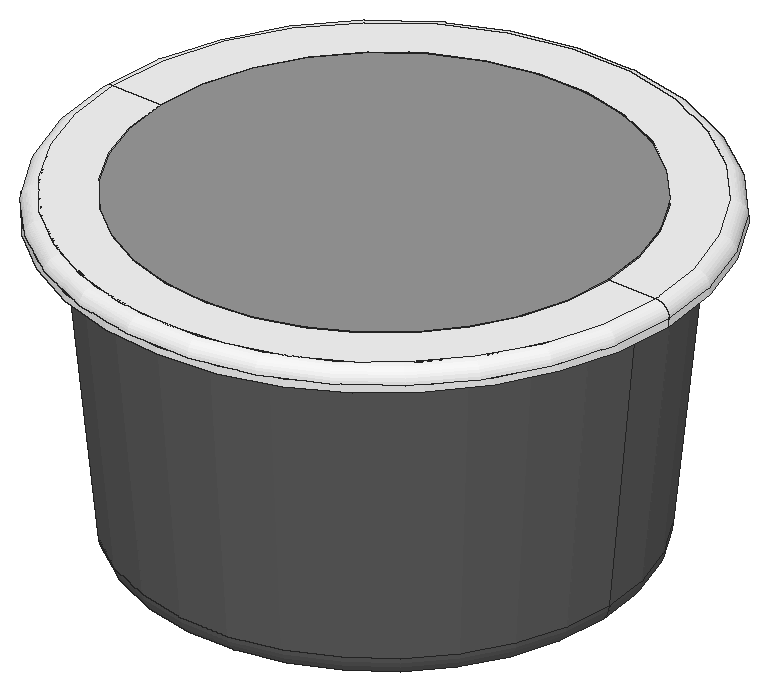
Revit family "3098102 Lighting Fixture_Sylvania_Insaver LED II 150 LO_Ceiling Recessed", category Lighting Fixtures, host Face, Revit 2017
Family settings
  Host = Face
  Round Connector Dimension = Use Diameter
  Part Type = Normal
  OmniClass Number = 23.80.70.11.17
  OmniClass Title = Specialized Lighting by Location or Use
  Cut with Voids When Loaded = No
  Light Source = Yes
  Shared = No
  Room Calculation Point = No
Parameters (values of type "Insaver LED II 150 Low Output WW 1-10")
  Ta Rating = "0°C to 55°C"  # constant formula
  Reflector Radius = Body Radius - 2.0 mm  # 73.0 mm
  Reflector Material = Metal_Sylvania_Insaver LED II_Polished
  Radius = Diameter / 2  # 84.5 mm
  LOR = "100%"  # constant formula
  IP Rating = "IP23 (44 with accessory)"  # constant formula
  Height = 87.0 mm
  Glare Control = "UGR <19 (using accessory)"  # constant formula
  Energy Class = "A++,A+,A"  # constant formula
  Weight = 0 kg
  Wattage = 17.0103 W
  built-in parameter 1150110 = 1 (stored number, unit not read)
  Voltage Comments = "UNV (Universal Voltage; 220-240 Volt)"  # constant formula
  Voltage = 230 V  # constant formula
  URL = "http://www.sylvania-lighting.com"
  built-in parameter 1114217 = 1 (stored number, unit not read)
  Tilt Angle = -90°
  built-in parameter 1150109 = 1 (stored number, unit not read)
  built-in parameter 1150134 = (empty or 0)
  built-in parameter 1150113 = 1 (stored number, unit not read)
  Product Page URL = "http://www.sylvania-lighting.com/product/en-int/products/3098102"
  Product Family = "INSAVER LED II 150"  # constant formula
  Photometry Comments = ""
  Photometric Web File = "3098102_InsaverLEDII150LowOutputWW1-10-200387.ies"
  Life = "50 000 h"  # constant formula
  Emit from Circle Diameter = Diffuser Diameter  # 133.0 mm
  Emit Shape Visible in Rendering = no
  Drive Current = "700mA"  # constant formula
  Distribution type = "Direct - symmetrical"  # constant formula
  Diffuser Material = Glass_Sylvania_Insaver LED II_3000K
  Diffuser Diameter = Diameter - 36.0 mm  # 133.0 mm
  Diameter = 169.0 mm
  Cutout Diameter = Diameter - 19.0 mm  # 150.0 mm
  Colour consistency (SDCM) = "3 step"  # constant formula
  built-in parameter 1114216 [instance] = 1 (stored number, unit not read)
  Model = "Insaver LED II 150 Low Output WW 1-10"
  Manufacturer = "Feilo Sylvania"
  built-in parameter 1150105 = 1169.2 (stored number, unit not read)
  Lumens = 1650 lm
  built-in parameter 1150115 = 1 (stored number, unit not read)
  built-in parameter 1150137 = (empty or 0)
  built-in parameter 1150139 = (empty or 0)
  built-in parameter 1150112 = 1 (stored number, unit not read)
  built-in parameter 1150114 = 1 (stored number, unit not read)
  Lamp Comments = "Integrated LED"  # constant formula
  Lamp = ""
  built-in parameter 1150132 = 2
  built-in parameter 1150102 = (empty or 0)
  built-in parameter 1150107 = 3000 (stored number, unit not read)
  built-in parameter 1150138 = (empty or 0)
  built-in parameter 1150106 = 11.692 (stored number, unit not read)
  CRI ( Ra ) = 80  # constant formula
  Body Material = Plastic_Sylvania_Insaver LED II_Black
  built-in parameter 1150104 = 9.0116 (stored number, unit not read)
  Dimming Lamp Color Temperature Shift = <None>
  Description = "Circular LED downlight with up to 114lm/W efficacy and 2,400 luminaire lumen output. Innovative easy installation system allows for a rapid, single point installation. For 150mm cut outs. IP44 or UGR<19 compliant with additional accessories. 3 hour emergency and surface mounted versions available. Plus3 version includes Wieland GST connector."  # constant formula
  Default Elevation = 0.0 mm
  Color Filter = 16777215
  Catalog Number = "3098102 Insaver LED II 150 Low Output WW 1-10"
  built-in parameter 1140040 [instance] = 1
  Body Radius = Cutout Diameter / 2  # 75.0 mm
  Beam Angle = 76°  # constant formula
  built-in parameter 1114218 = 1 (stored number, unit not read)
  built-in parameter 1150133 = 10 (stored number, unit not read)
  Assembly Code = "D5020200"
  Apparent Load Comments = ""
  Apparent Load = 17 VA
  Accessory Material = Plastic_Sylvania_Insaver LED II_White
Reference planes
  plane 1 "Center (Front/Back)": y = 0
  plane 2: z = 0
  plane 3 "Center (Left/Right)": x = 0
  plane 4 "Fixture Top": z = -87
  plane 5 "Fixture Bottom": z = 6
  plane 6 "Reflector Top": z = -60
Forms (mm)
  Extrusion 1, void
    sketch origin (0, 0, 0) x (1, 0, 0) y (0, 1, 0)
      loop
        circle (0, 0) r 75
    from -87 to 0
  Revolve 2, solid, material "Plastic_Sylvania_Insaver LED II_White" <- "Accessory Material", detail levels fine
    sketch origin (0, 0, 0) x (1, 0, 0) y (0, 0, 1)
      loop
        line (-84.5, 0) -> (-66.5, 0) -> (-66.5, 6) -> (-80.5, 6)
        arc (-80.5, 6) -> (-83.328, 4.828) -> (-84.5, 2) r 4
        line (-84.5, 2) -> (-84.5, 0)
      axis (0, 6) -> (0, 0)
    angle from 0 to 360
  Revolve 3, solid, material "Plastic_Sylvania_Insaver LED II_Black" <- "Body Material", detail levels fine
    sketch origin (0, 0, 0) x (1, 0, 0) y (0, 0, 1)
      loop
        line (0, -87) -> (0, -85) -> (-59.475, -85)
        arc (-59.475, -85) -> (-62.901, -83.847) -> (-64.933, -80.857) r 5.666
        arc (-64.933, -80.857) -> (-70.978, -41.634) -> (-73, -2) r 389.454
        line (-73, -2) -> (-73, 0) -> (-75, 0) -> (-75, -2)
        arc (-75, -2) -> (-73.011, -41.414) -> (-67.063, -80.428) r 391.454
        arc (-67.063, -80.428) -> (-64.495, -85.129) -> (-59.475, -87) r 7.666
        line (-59.475, -87) -> (0, -87)
      axis (0, 0) -> (0, -87)
    angle from 0 to 360
  Extrusion 4, solid, material "Glass_Sylvania_Insaver LED II_3000K" <- "Diffuser Material", detail levels fine
    sketch origin (0, 0, 0) x (1, 0, 0) y (0, 1, 0)
      loop
        circle (0, 0) r 66.5
    from 0 to 6
  Revolve 5, solid, material "Metal_Sylvania_Insaver LED II_Polished" <- "Reflector Material", detail levels fine
    sketch origin (0, 0, 0) x (1, 0, 0) y (0, 0, 1)
      loop
        line (-73, 0) -> (-73, -2)
        arc (-73, -2) -> (-46.618, -43.735) -> (0, -60) r 74.94
        line (0, -60) -> (0, -58)
        arc (0, -58) -> (-45.285, -42.24) -> (-71, -1.769) r 72.94
        line (-71, -1.769) -> (-71, 0) -> (-73, 0)
      axis (0, 0) -> (0, -60)
    angle from 0 to 360
  Revolve 6, solid, material "Plastic_Sylvania_Insaver LED II_White" <- "Accessory Material", detail levels coarse+medium
    sketch origin (0, 0, 0) x (1, 0, 0) y (0, 0, 1)
      loop
        line (0, -87) -> (0, 6) -> (-84.5, 6) -> (-84.5, 0) -> (-75, 0) -> (-75, -2)
        arc (-75, -2) -> (-73.011, -41.414) -> (-67.063, -80.428) r 391.454
        arc (-67.063, -80.428) -> (-64.495, -85.129) -> (-59.475, -87) r 7.666
        line (-59.475, -87) -> (0, -87)
      axis (0, 6) -> (0, -87)
    angle from 0 to 360
Lines and regions (mm)
  Masking region 1
    outline origin (0, 0, 0) x (1, 0, 0) y (0, 1, 0)
      loop
        circle (0, 0) r 84.5
  symbolic lines, detail levels fine
    curve 1: arc (66.5, 0, 0) -> (0, 66.5, 0) -> (-66.5, 0, 0) r 66.5
    curve 2: arc (-66.5, 0, 0) -> (0, -66.5, 0) -> (66.5, 0, 0) r 66.5
Dimensions and locks
  "Height": plane 2 to plane 4 "Fixture Top"
  plane 5 "Fixture Bottom" to plane 2 = 6.0 mm
  "Radius": plane 3 "Center (Left/Right)" to Revolve 2 sketch curve
  locked: Revolve 2 sketch curve to plane 2 at 2
  Revolve 2 sketch curve to Revolve 2 sketch curve = 18.0 mm
  "Body Radius": plane 3 "Center (Left/Right)" to Revolve 3 sketch curve
  locked: Revolve 3 sketch curve to Revolve 3 sketch curve at 2
  locked: Revolve 3 sketch curve to plane 4 "Fixture Top" at 2
  "Reflector Radius": Revolve 5 sketch curve to plane 3 "Center (Left/Right)"
  locked: Revolve 5 sketch curve to Revolve 5 sketch curve at 2
  "Radius": Revolve 6 sketch curve to imposter light
  locked: Revolve 6 sketch curve to Revolve 6 sketch curve at 9.5
  "Cutout Diameter": diameter of Extrusion 1 sketch curve
  "Diffuser Diameter": diameter of Extrusion 4 sketch curve
  aligned and locked: plane 2 to host face
  aligned and locked: level to host face
  aligned and locked: Extrusion 1 to plane 4 "Fixture Top"
  aligned and locked: plane 2 to Extrusion 1
  aligned and locked: Revolve 2 sketch curve to plane 2
  aligned and locked: Revolve 2 sketch curve to plane 5 "Fixture Bottom"
  aligned and locked: Revolve 2 sketch curve to plane 3 "Center (Left/Right)"
  aligned and locked: Revolve 3 sketch curve to plane 3 "Center (Left/Right)"  (x2)
  aligned and locked: Extrusion 4 to plane 2
  aligned and locked: plane 5 "Fixture Bottom" to Extrusion 4
  aligned and locked: plane 4 "Fixture Top" to Revolve 3 sketch curve
  aligned and locked: Revolve 3 sketch curve to plane 2
  aligned and locked: Revolve 5 sketch curve to host face
  aligned and locked: Revolve 5 sketch curve to plane 3 "Center (Left/Right)"
  aligned and locked: plane 6 "Reflector Top" to Revolve 5 sketch curve
  aligned and locked: plane 3 "Center (Left/Right)" to Revolve 5 sketch curve
  aligned and locked: imposter light to plane 3 "Center (Left/Right)"
  aligned and locked: imposter light to plane 1 "Center (Front/Back)"
  aligned and locked: imposter light to plane 5 "Fixture Bottom"
  aligned and locked: Revolve 6 sketch curve to plane 3 "Center (Left/Right)"  (x2)
  aligned and locked: plane 4 "Fixture Top" to Revolve 6 sketch curve
  aligned and locked: Revolve 6 sketch curve to imposter light
  aligned and locked: Masking region 1 sketch curve to Revolve 6  (x2)
  aligned and locked: curve 1 to Extrusion 4
  aligned and locked: curve 2 to Extrusion 4
Automatic sketch dimensions
  host sketch curve to host sketch curve = 1040.406 mm
  host sketch curve to host sketch curve = 988.385 mm
  plane 1 "Center (Front/Back)" to Extrusion 1 sketch curve = 0.0 mm
  Extrusion 1 sketch curve to plane 3 "Center (Left/Right)" = 0.0 mm
  Revolve 2 sketch curve to level = 23.903 mm
  plane 5 "Fixture Bottom" to Revolve 2 sketch curve = 38.423 mm
  Revolve 3 sketch curve to Revolve 3 sketch curve = 0.0 mm  (x4)
  Revolve 3 sketch curve to plane 3 "Center (Left/Right)" = 59.475 mm
  Revolve 3 sketch curve to level = 2.0 mm
  plane 3 "Center (Left/Right)" to Revolve 3 sketch curve = 316.454 mm
  Revolve 3 sketch curve to Revolve 3 sketch curve = 5.666 mm
  Revolve 3 sketch curve to level = 21.34 mm
  plane 5 "Fixture Bottom" to Revolve 3 sketch curve = 47.66 mm
  plane 1 "Center (Front/Back)" to Extrusion 4 sketch curve = 0.0 mm
  Extrusion 4 sketch curve to plane 3 "Center (Left/Right)" = 0.0 mm
  Revolve 5 sketch curve to Revolve 5 sketch curve = 0.0 mm
  Revolve 5 sketch curve to Revolve 5 sketch curve = 2.0 mm
  Revolve 5 sketch curve to level = 2.0 mm
  Revolve 5 sketch curve to plane 4 "Fixture Top" = 30.934 mm
  Revolve 5 sketch curve to Revolve 5 sketch curve = 27.127 mm
  Revolve 6 sketch curve to level = 0.0 mm
  plane 4 "Fixture Top" to Revolve 6 sketch curve = 7.666 mm
  Revolve 6 sketch curve to plane 3 "Center (Left/Right)" = 59.475 mm
  Revolve 6 sketch curve to level = 2.0 mm
  plane 3 "Center (Left/Right)" to Revolve 6 sketch curve = 316.454 mm
  Revolve 6 sketch curve to level = 21.34 mm
  Revolve 6 sketch curve to Revolve 6 sketch curve = 47.66 mm
Connectors
  electrical at (0, 0, -87), driven by "Voltage", driven by "Apparent Load"
    settings: index 1, voltage 230 V, apparent load 0 VA, apparent load phase1 17 VA, apparent load phase2 0 VA, apparent load phase3 0 VA, power factor 1, load classification "Lighting", number of poles 1, system type 31, power factor state 1, is connector primary yes, connector utility no, sub classification motor no, connector description ""
